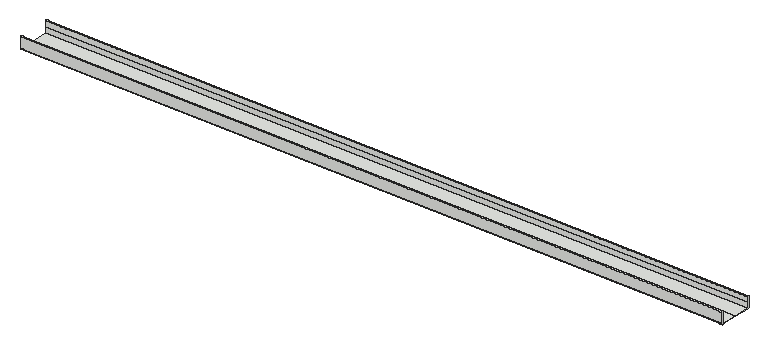
Revit family "PR26", category Mechanical Equipment, Revit 2018
Family settings
  Round Connector Dimension = Use Diameter
  Part Type = Normal
  OmniClass Number = 23.75.00.00
  OmniClass Title = Climate Control (HVAC)
  Work Plane-Based = No
  Always vertical = Yes
  Cut with Voids When Loaded = No
  Shared = No
  Room Calculation Point = No
Parameters (values of type "ISOLAMIN PR26 flashing")
  URL = "http://www.isolamin.se/"
  Thickness = "0.7 mm (Different thicknesses are available on request) \r\n0.7 mm (Different thicknesses are available on request) \r\n0.7 mm (Different thicknesses are available on request)"
  Profile Length = 1180 mm
  Model = "PR26"
  Material = "Galvanized Steel"
  Manufacturer = "ISOLAMIN AB"
  Edition = "1.0 (2018)"
Reference planes
  plane 1 "Center (Front/Back)": y = 0
  plane 2: z = 0
  plane 3 "Center (Left/Right)": x = 0
  plane 4: y = -1284.913
  plane 5: x = 1180
Forms (mm)
  Extrusion 1, solid, material "ISOLAMIN Surface Profile Material"
    sketch origin (0, 0, 0) x (0, 1, 0) y (0, 0, 1)
      loop
        line (-26.26, 1) -> (-54, 1) -> (-54, 10.7) -> (-53, 10.7) -> (-53, 19.256)
        arc (-53, 19.256) -> (-54, 20) -> (-55, 19.256) r 1.044
        line (-55, 19.256) -> (-55, 1)
        arc (-55, 1) -> (-54.707, 0.293) -> (-54, 0) r 1
        line (-54, 0) -> (-26.26, 0) -> (-1, 0)
        arc (-1, 0) -> (-0.293, 0.293) -> (0, 1) r 1
        line (0, 1) -> (0, 19.256)
        arc (0, 19.256) -> (-1, 20) -> (-2, 19.256) r 1.044
        line (-2, 19.256) -> (-2, 10.7) -> (-1, 10.7) -> (-1, 1) -> (-26.26, 1)
    from 0 to 1180
Dimensions and locks
  "Profile Length": plane 3 "Center (Left/Right)" to plane 5
  aligned and locked: level to plane 2
  aligned and locked: plane 5 to Extrusion 1
Automatic sketch dimensions
  Extrusion 1 sketch curve to level = 0 mm
  Extrusion 1 sketch curve to plane 1 "Center (Front/Back)" = 0 mm
  plane 1 "Center (Front/Back)" to Extrusion 1 sketch curve = 1 mm  (x3)
  Extrusion 1 sketch curve to Extrusion 1 sketch curve = 1 mm  (x4)
  level to Extrusion 1 sketch curve = 1 mm
  Extrusion 1 sketch curve to Extrusion 1 sketch curve = 25.26 mm
  Extrusion 1 sketch curve to Extrusion 1 sketch curve = 0 mm  (x2)
  Extrusion 1 sketch curve to Extrusion 1 sketch curve = 26.74 mm
  Extrusion 1 sketch curve to Extrusion 1 sketch curve = 9.7 mm  (x2)
  Extrusion 1 sketch curve to Extrusion 1 sketch curve = 8.256 mm  (x2)
  Extrusion 1 sketch curve to Extrusion 1 sketch curve = 0.3 mm  (x2)
